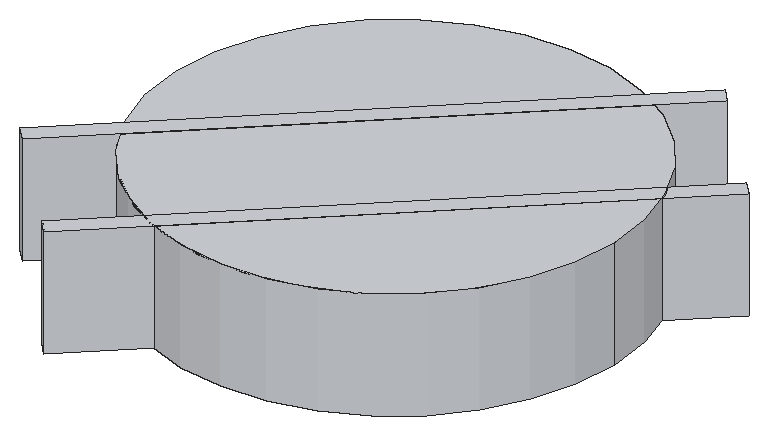
Revit family "電線管用ファミリ(片側のみ)_ver7", category Electrical Fixtures, Revit 2021
Family settings
  Maintain Annotation Orientation = No
  Round Connector Dimension = Use Diameter
  Part Type = Normal
  OmniClass Number = 23.80.00.00
  OmniClass Title = Electric Power and Lighting
  Work Plane-Based = No
  Always vertical = Yes
  Cut with Voids When Loaded = No
  Shared = No
  Room Calculation Point = No
Parameters
  コネクタ直径 [instance] = 16 mm
  W [instance] = 200 mm
  Default Elevation = 0 mm
  D [instance] = 200 mm
Reference planes
  plane 1 "Center (Front/Back)": y = 0
  plane 2: z = 0
  plane 3 "Center (Left/Right)": x = 0
  plane 4: x = -100
  plane 5: x = 100
  plane 6: y = 100
  plane 7: y = -100
  plane 8: z = 33.685
  plane 9: z = 50
Forms (mm)
  Extrusion 1, solid
    sketch origin (0, 0, 0) x (1, 0, 0) y (0, 1, 0)
      loop
        circle (0, 0) r 100
    from 0 to 50
  Extrusion 2, solid
    sketch origin (-27.232, 16.89, 0) x (1, 0, 0) y (0, 1, 0)
      loop
        line (-90.346, -84.264) -> (-84.736, -89.874) -> (94.109, 88.971) -> (88.499, 94.581) -> (-90.346, -84.264)
    from 0 to 50
  Extrusion 3, solid
    sketch origin (19.081, -32.871, 0) x (1, 0, 0) y (0, 1, 0)
      loop
        line (-88.622, -82.54) -> (-83.012, -88.15) -> (95.833, 90.695) -> (90.223, 96.305) -> (-88.622, -82.54)
    from 0 to 50
Dimensions and locks
  equal spacing: plane 4, plane 3 "Center (Left/Right)", plane 5
  "W": plane 4 to plane 5
  equal spacing: plane 6, plane 1 "Center (Front/Back)", plane 7
  "D": plane 6 to plane 7
  aligned and locked: level to plane 2
  aligned and locked: plane 9 to Extrusion 1
Automatic sketch dimensions
  plane 1 "Center (Front/Back)" to Extrusion 1 sketch curve = 0 mm
  Extrusion 1 sketch curve to plane 3 "Center (Left/Right)" = 0 mm
  Extrusion 2 sketch curve to plane 4 = 17.578 mm
  Extrusion 2 sketch curve to Extrusion 2 sketch curve = 5.61 mm  (x2)
  Extrusion 2 sketch curve to plane 5 = 38.733 mm
  plane 7 to Extrusion 2 sketch curve = 27.016 mm
  plane 4 to Extrusion 3 sketch curve = 30.459 mm
  plane 4 to Extrusion 3 sketch curve = 36.069 mm
  Extrusion 3 sketch curve to plane 6 = 36.565 mm
  plane 5 to Extrusion 3 sketch curve = 9.304 mm
  Extrusion 3 sketch curve to Extrusion 3 sketch curve = 5.61 mm
  radius of Extrusion 1 sketch curve = 100 mm
Connectors
  cabletrayconduit at (0, 0, 50), diameter 16
    settings: on Extrusion 1, index 1, connector width 300 mm, connector height 300 mm, connector angle 0.00°, system type 32, placement type 0, profile type 0, connector reference index -1, is primary connector yes, connector utility param no, connector description ""
